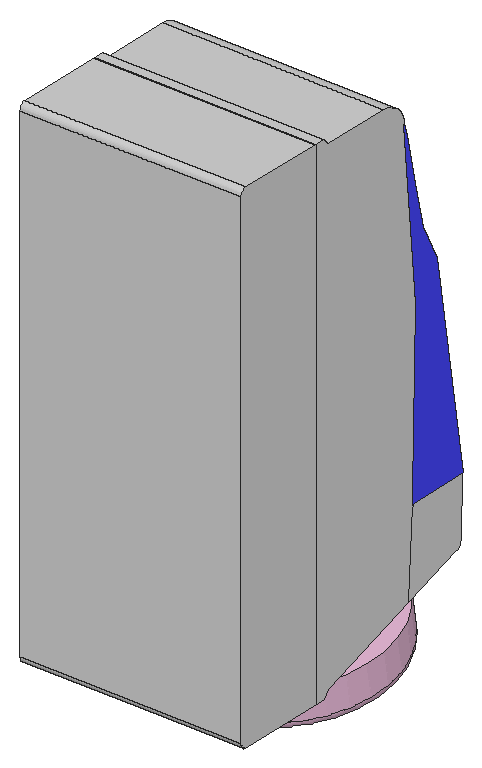
Revit family "Building-IEC309Connections-GEWISS-66IB-INTERLOCKED-SOCKET-OUTLETS-HD_IP66_WITH_BOTTOM_24V", category Apparecchi elettrici, host Muro, Revit 2016
Family settings
  Host = Muro
  Mantenere orientamento annotazione = Sì
  Tipo di parte = Normale
  Quota connettore circolare = Usa diametro
  Numero OmniClass = 23.80.50.14
  Titolo OmniClass = Plug Connectors
  Sempre verticale = Sì
  Taglio con vuoti quando caricato = No
  Condiviso = No
  Punto di calcolo locali = No
Parameters (values of type "GW66998 - VR. S.-OUT. WB. 2P 160VA TF. 230/24V CBF")
  Working temperature = "-25 ÷ +40 °C"
  With back-mounting box = "Yes"
  Vista di pianta [instance] = yes
  Vetro = Vetro
  Version file RFA = "18.0"
  URL = "https://www.gewiss.com/ww/en"
  Typology = "Vertical"
  Type of use = "Heavy duty"
  Type of fuse = "Ø 10.3x38 mm"
  Thermo-pressure with ball = "80 °C"
  Technical sheet = "https://www.gewiss.com/ww/en/search?q=GW66998"
  Struttura alta = GEWISS -BLU
  Struttura = GEWISS - Grigio RAL - 7035
  Simbolo [instance] = yes
  Shock resistance = "> IK10"
  SEO = "Socket outlet"
  Realized by GEWISS S.p.A. = ""
  Rated power = "160VA"
  Rated frequency (Hz) = "50Hz"
  Rated current (In) = "16"
  Rated current (A) = "16"
  Protection = "Safety transformer"
  Produttore = "GEWISS S.p.A."
  Presa = GEWISS - VIOLA
  Power = "160VA"
  Potenza = 24 V
  Output voltage = "20-25 V"
  Operating temperature: = "-25 +40 °C"
  Numero poli = 2
  Number of poles = "2P"
  No. of poles = "2P"
  Modello = "GW66998"
  Impact resistance at -20 Â°C = "20J"
  Immagine tipo = GW66998.jpg
  IP degree = "IP66"
  IFC.TypeObject = ""
  IFC.ExportType = ""
  IFC.ExportAs = ""
  IDT = "2d669e67-5247-4248-86bf-ba56704f2efd"
  IDF = "706a5ebe-ff9d-462f-b53a-49af0794706a"
  Glow wire test: = "850 °C"
  Glow Wire Test = "850 °C"
  Frequency = "50Hz"
  Electrocod = "2222"
  EAN code = "8011564184121"
  Distanza orizzontale del simbolo [instance] = 0 mm
  Distanza dal muro [instance] = 0 mm
  Descrizione = "VR. S.-OUT. WB. 2P 160VA TF. 230/24V CBF"
  Cornice simbolo [instance] = yes
  Colour: = "Violet"
  Colour = "Violet"
  Assembly Code = ""
  Classificazione carico = Altro
  Catalogue Range = "66 IB"
  Catalogue = "BUILDING"
  Carico apparente = 0 VA
  COBie.Tagnumber = ""
  COBie.CreatedOn = ""
  COBie.CreatebBy = ""
  COBie.ComponentRegisterItemID = ""
  COBie.Component.TagNumber = ""
  COBie.Component.Space = ""
  COBie.Component.SerialNumber = ""
  COBie.Component.InstallationDate = ""
  COBie.Component.Description = ""
  COBie.Component.BarCode = ""
  Altezza da terra = 1127.575 mm
Reference planes
  plane 1 "Muro": y = 0
  plane 2 "Centro (Sinistra/Destra)": x = 125
  plane 3 "Indietro": y = 75
  plane 4: z = 1127.575
  plane 5: x = 125
Lines and regions (mm)
  Masking region 1, visible <- "Vista di pianta"
    outline origin (0, 0, 0) x (1, 0, 0) y (0, 1, 0)
      loop
        line (53.5, 75) -> (196.5, 75) -> (196.5, 254) -> (53.5, 254) -> (53.5, 75)
  Masking region 2
    outline origin (125, 0, -0.546) x (0, 1, 0) y (0, 0, 1)
      loop
        line (241.289, 1135.561) -> (236.709, 1163.372) -> (161.889, 1138.222) -> (164.412, 1122.902) -> (241.289, 1135.561)
  Masking region 3
    outline origin (125, 0, -0.546) x (0, 1, 0) y (0, 0, 1)
      loop
        line (262.535, 1139.06) -> (133.431, 1117.8) -> (136.68, 1098.066)
        arc (136.68, 1098.066) -> (139.176, 1094.099) -> (143.757, 1093.111) r 6.041
        line (143.757, 1093.111) -> (260.94, 1112.407)
        arc (260.94, 1112.407) -> (264.772, 1114.879) -> (265.784, 1119.325) r 6.041
        line (265.784, 1119.325) -> (262.535, 1139.06)
  Masking region 4
    outline origin (125, 0, -0.039) x (0, 1, 0) y (0, 0, 1)
      loop
        line (135, 1452.614) -> (78.972, 1452.614)
        arc (78.972, 1452.614) -> (76.163, 1451.451) -> (75, 1448.642) r 3.972
        line (75, 1448.642) -> (75, 1131.586)
        arc (75, 1131.586) -> (76.163, 1128.778) -> (78.972, 1127.614) r 3.972
        line (78.972, 1127.614) -> (141.601, 1127.614) -> (144.578, 1131.897) -> (248.816, 1166.935)
        arc (248.816, 1166.935) -> (251.676, 1169.114) -> (252.761, 1172.543) r 5.958
        arc (252.761, 1172.543) -> (253.2, 1191.236) -> (253.163, 1209.935) r 734.65
        line (253.163, 1209.935) -> (254, 1209.951)
        arc (254, 1209.951) -> (242.911, 1296.509) -> (223.277, 1381.537) r 877.164
        line (223.277, 1381.537) -> (206.64, 1434.09)
        arc (206.64, 1434.09) -> (201.442, 1444.475) -> (190.611, 1448.663) r 16.102
        line (190.611, 1448.663) -> (144.931, 1448.663) -> (142.183, 1452.614) -> (135, 1452.614)
Text (mm)
  text "Lato posizionamento" at (-1848.837, 1116.779, 0), in view "Livello rif."
  text "Lato posizionamento" at (0, 1409.804, 2854.306), in view "Sinistra"
  text "Lato posizionamento" at (0, 499.811, 2980.732), in view "Destra"
Dimensions and locks
  locked: plane 3 "Indietro" to host wall
  "Altezza da terra": plane 4 to level
  "Distanza orizzontale del simbolo": plane 5 to plane 2 "Centro (Sinistra/Destra)"
  aligned and locked: plane 1 "Muro" to host wall
  aligned and locked: Masking region 1 sketch curve to nested 1
  aligned and locked: plane 5 to nested 2
  aligned and locked: nested 1 to host wall
  aligned and locked: Masking region 1 to host wall
  aligned and locked: Masking region 1 to nested 1  (x2)
Automatic sketch dimensions
  plane 4 to Masking region 2 sketch curve = 10.101 mm
  host wall to Masking region 2 sketch curve = 86.889 mm
  Masking region 2 sketch curve to plane 4 = 5.219 mm
  Masking region 2 sketch curve to Masking region 2 sketch curve = 2.523 mm
  plane 4 to Masking region 2 sketch curve = 35.251 mm
  Masking region 2 sketch curve to Masking region 2 sketch curve = 74.82 mm
  plane 4 to Masking region 2 sketch curve = 7.44 mm
  Masking region 2 sketch curve to Masking region 2 sketch curve = 4.579 mm
  Masking region 3 sketch curve to plane 4 = 10.32 mm
  host wall to Masking region 3 sketch curve = 58.431 mm
  Masking region 3 sketch curve to plane 4 = 30.055 mm
  Masking region 3 sketch curve to Masking region 3 sketch curve = 3.25 mm
  Masking region 3 sketch curve to Masking region 3 sketch curve = 5.961 mm
  Masking region 3 sketch curve to Masking region 3 sketch curve = 1.116 mm  (x2)
  Masking region 3 sketch curve to plane 4 = 9.777 mm
  Masking region 3 sketch curve to Masking region 3 sketch curve = 117.183 mm
  Masking region 3 sketch curve to plane 4 = 15.714 mm
  Masking region 3 sketch curve to plane 4 = 8.795 mm
  Masking region 3 sketch curve to Masking region 3 sketch curve = 4.955 mm
  plane 2 "Centro (Sinistra/Destra)" to Masking region 1 sketch curve = 71.5 mm
  Masking region 1 sketch curve to Masking region 1 sketch curve = 179 mm
  host wall to Masking region 1 sketch curve = 0 mm
  Masking region 4 sketch curve to host wall = 0 mm
  Masking region 4 sketch curve to plane 4 = 0 mm
  plane 4 to Masking region 4 sketch curve = 71.527 mm
  host wall to Masking region 4 sketch curve = 406.407 mm
  plane 4 to Masking region 4 sketch curve = 14.294 mm
  Masking region 4 sketch curve to Masking region 4 sketch curve = 139.114 mm
  Masking region 4 sketch curve to Masking region 4 sketch curve = 3.972 mm
  host wall to Masking region 4 sketch curve = 3.972 mm
  Masking region 4 sketch curve to Masking region 4 sketch curve = 56.028 mm
  Masking region 4 sketch curve to Masking region 4 sketch curve = 62.629 mm
  Masking region 4 sketch curve to Masking region 4 sketch curve = 7.183 mm
  plane 4 to Masking region 4 sketch curve = 4.282 mm
  Masking region 4 sketch curve to Masking region 4 sketch curve = 2.977 mm
  Masking region 4 sketch curve to Masking region 4 sketch curve = 2.747 mm
  Masking region 4 sketch curve to Masking region 4 sketch curve = 45.68 mm
  Masking region 4 sketch curve to Masking region 4 sketch curve = 16.029 mm
  Masking region 4 sketch curve to Masking region 4 sketch curve = 16.637 mm
  Masking region 4 sketch curve to Masking region 4 sketch curve = 102.224 mm
  plane 4 to Masking region 4 sketch curve = 39.32 mm
  Masking region 4 sketch curve to Masking region 4 sketch curve = 2.013 mm
  plane 4 to Masking region 4 sketch curve = 82.321 mm
  Masking region 4 sketch curve to Masking region 4 sketch curve = 6.361 mm
  plane 4 to Masking region 4 sketch curve = 82.336 mm
  Masking region 4 sketch curve to Masking region 4 sketch curve = 0.837 mm
  Masking region 4 sketch curve to Masking region 4 sketch curve = 51.024 mm
  Masking region 4 sketch curve to Masking region 4 sketch curve = 1.529 mm
  Masking region 4 sketch curve to Masking region 4 sketch curve = 0.021 mm
Nested families
  nested 1: "IB PRESE INTERBLOC IMP_FONDO_BASE" at (125, 135, 1087.536), type "IB PRESE INTERBLOC IMP_FONDO_BASE"
  nested 2: "PRESAIND2PTRF" at (125, 75.006, 0), Distanza dal muro <- "Distanza dal muro", BORDO ACCESO <- "Cornice simbolo", SIMBOLO ACCESO <- "Simbolo", type "CASSETTAINC"
    with SIMBOLO ACCESO yes, Distanza dal muro 0 mm, BORDO ACCESO yes
  nested 3: "2D - IB PRESE INTERBLOC IMP GRAVOSI 24V IP66" at (125, 0, 1294.518) x (1, 0, 0) z (0, -1, 0), type "BIDIMENSIONALE"
Connectors
  electrical at (125, 107.294, 1127.575), driven by "Numero poli", driven by "Classificazione carico", driven by "Potenza", driven by "Carico apparente"
    settings: on nested 1, index 1, voltage 24 V, apparent load 0 VA, apparent load phase1 0 VA, apparent load phase2 0 VA, apparent load phase3 0 VA, power factor 1, load classification "Altro", number of poles 2, system type 31, power factor state 1, is connector primary yes, connector utility no, sub classification motor no, connector description ""
Definition of nested family "IB PRESE INTERBLOC IMP_FONDO_BASE"
  Parameters (values of type "IB PRESE INTERBLOC IMP_FONDO_BASE")
    Vetrino = none
    Struttura alta = none
    Struttura = none
    Spessore = 160 mm
    Default Elevation = 14 mm
    Presa = none
    Pomello = none
    Lunghezza = 143 mm
    IFC.TypeObject = ""
    IFC.ExportType = ""
    IFC.ExportAs = ""
    H_da terra = 586.883 mm
    COBie.CreatedOn = ""
    COBie.CreatebBy = ""
    COBie.ComponentRegisterItemID = ""
    COBie.Component.TagNumber = ""
    COBie.Component.Space = ""
    COBie.Component.SerialNumber = ""
    COBie.Component.InstallationDate = ""
    COBie.Component.Description = ""
    COBie.Component.BarCode = ""
    Altezza = 424 mm
  Reference planes
    plane 1 "Centro (Fronte/Retro)": y = 0
    plane 2: z = 0
    plane 3 "Centro (Sinistra/Destra)": x = 0
    plane 4: x = -71.5
    plane 5: x = 71.5
    plane 6: x = 53.664
    plane 7: x = -53.5
    plane 8: z = 40.039
    plane 9: y = -60
    plane 10: y = 138.9
    plane 11: z = 361.087
    plane 12: through (4267.2, 77.379, 327.157) normal (0, 0.9626, 0.271)
  Forms (mm)
    Extrusion 1, solid, material <- "Struttura alta"
      sketch origin (0, 0, 0) x (0, 1, 0) y (0, 0, 1)
        loop
          line (78.973, 121.623) -> (119, 122.375)
          arc (119, 122.375) -> (111.124, 189.769) -> (98.062, 256.353) r 877.164
          arc (98.062, 256.353) -> (87.281, 279.295) -> (81.504, 303.977) r 121.298
          line (81.504, 303.977) -> (74.399, 337.778) -> (71.64, 346.515)
          arc (71.64, 346.515) -> (71.695, 345.751) -> (71.713, 344.985) r 16.102
          arc (71.713, 344.985) -> (81.541, 236.86) -> (79.248, 128.313) r 971.977
          arc (79.248, 128.313) -> (79.113, 124.968) -> (78.973, 121.623) r 2289.877
      from -71.5 to 71.5
    Extrusion 2, void
      sketch origin (0, 0, 0) x (0, 1, 0) y (0, 0, 1)
        loop
          line (125.283, 233.172) -> (91.011, 233.172)
          arc (91.011, 233.172) -> (86.745, 231.373) -> (85.055, 227.063) r 5.958
          arc (85.055, 227.063) -> (85.954, 188.702) -> (85.298, 150.336) r 946.965
          arc (85.298, 150.336) -> (88.127, 142.928) -> (95.424, 139.825) r 10.133
          line (95.424, 139.825) -> (139.534, 139.825)
          arc (139.534, 139.825) -> (133.702, 186.696) -> (125.283, 233.172) r 852.241
      from -53.5 to 53.664
    Extrusion 3, solid, material <- "Vetrino"
      sketch origin (0, 0, 0) x (0, 1, 0) y (0, 0, 1)
        loop
          line (102.745, 233.172) -> (91.011, 233.172)
          arc (91.011, 233.172) -> (86.745, 231.373) -> (85.055, 227.063) r 5.958
          arc (85.055, 227.063) -> (85.954, 188.702) -> (85.298, 150.336) r 946.965
          arc (85.298, 150.336) -> (88.127, 142.928) -> (95.424, 139.825) r 10.133
          line (95.424, 139.825) -> (117.422, 139.825)
          arc (117.422, 139.825) -> (111.378, 186.702) -> (102.745, 233.172) r 852.241
      from -53.5 to 53.664
    Extrusion 4, solid, material <- "Struttura"
      sketch origin (0, 0, 0) x (0, 1, 0) y (0, 0, 1)
        loop
          line (75.931, 66.624) -> (113.815, 79.359)
          arc (113.815, 79.359) -> (116.676, 81.538) -> (117.761, 84.967) r 5.958
          arc (117.761, 84.967) -> (118.2, 103.66) -> (118.163, 122.359) r 734.65
          line (118.163, 122.359) -> (78.973, 121.623)
          arc (78.973, 121.623) -> (77.619, 94.115) -> (75.931, 66.624) r 2264.9
      from -71.5 to 71.5
    Extrusion 5, solid, material <- "Struttura"
      sketch origin (0, 0, 0) x (0, 1, 0) y (0, 0, 1)
        loop
          line (107.036, 48.025) -> (102.35, 76.485) -> (27.659, 50.544) -> (30.159, 35.366) -> (107.036, 48.025)
      from -30.773 to 27.325
    Revolve 6, solid, material <- "Presa"
      sketch origin (0, 0, 0) x (0, 1, 0) y (0, 0, 1)
        loop
          line (8.526, 5.322) -> (67.975, 15.111) -> (63.73, 40.894) -> (-0.822, 30.264) -> (2.584, 9.577)
          arc (2.584, 9.577) -> (4.673, 6.218) -> (8.526, 5.322) r 5.164
        axis (63.73, 40.894) -> (67.975, 15.111)
      angle from 0 to 360
    Extrusion 7, void
      sketch origin (0, 0, 0) x (1, 0, 0) y (0, 0, 1)
        loop
          spline (43.694, 295.849) -> (42.205, 306.734) -> (37.84, 316.878) -> (30.897, 325.589) -> (21.847, 332.273) -> (11.309, 336.475) -> (0, 337.908) -> (-11.309, 336.475) -> (-21.847, 332.273) -> (-30.897, 325.589) -> (-37.84, 316.878) -> (-42.205, 306.734) -> (-43.694, 295.849)
          spline (-43.694, 295.849) -> (-42.205, 284.963) -> (-37.84, 274.819) -> (-30.897, 266.108) -> (-21.847, 259.424) -> (-11.309, 255.222) -> (0, 253.789) -> (11.309, 255.222) -> (21.847, 259.424) -> (30.897, 266.108) -> (37.84, 274.819) -> (42.205, 284.963) -> (43.694, 295.849)
      from -122.068 to -79.498
    Extrusion 8, solid, material <- "Pomello"
      sketch origin (0, 82.975, -13.824) x (1, 0, 0) y (0, -0.270999, 0.96258)
        loop
          line (-7.448, 327.416) -> (-7.448, 266.486)
          arc (-7.448, 266.486) -> (-7.072, 265.323) -> (-6.085, 264.6) r 1.986
          arc (-6.085, 264.6) -> (0.003, 263.614) -> (6.09, 264.602) r 19.259
          arc (6.09, 264.602) -> (7.073, 265.325) -> (7.448, 266.486) r 1.986
          line (7.448, 266.486) -> (7.448, 327.416)
          arc (7.448, 327.416) -> (7.073, 328.578) -> (6.09, 329.301) r 1.986
          arc (6.09, 329.301) -> (0, 330.289) -> (-6.09, 329.301) r 19.259
          arc (-6.09, 329.301) -> (-7.073, 328.578) -> (-7.448, 327.416) r 1.986
      from -92.372 to -88.3
    Extrusion 9, solid, material <- "Struttura"
      sketch origin (0, 0, 0) x (0, 1, 0) y (0, 0, 1)
        loop
          line (0, 365.039) -> (-56.028, 365.039)
          arc (-56.028, 365.039) -> (-58.837, 363.875) -> (-60, 361.066) r 3.972
          line (-60, 361.066) -> (-60, 44.011)
          arc (-60, 44.011) -> (-58.837, 41.202) -> (-56.028, 40.039) r 3.972
          line (-56.028, 40.039) -> (0, 40.039) -> (0, 365.039)
      from -71.5 to 71.5
    Extrusion 10, solid, material <- "Struttura"
      sketch origin (0, 0, 0) x (0, 1, 0) y (0, 0, 1)
        loop
          arc (75.931, 66.624) -> (77.679, 96.204) -> (79.051, 125.804) r 2335.614
          arc (79.051, 125.804) -> (81.584, 235.602) -> (71.713, 344.985) r 971.977
          arc (71.713, 344.985) -> (66.997, 356.371) -> (55.611, 361.087) r 16.102
          line (55.611, 361.087) -> (9.931, 361.087) -> (7.183, 365.039) -> (0, 365.039) -> (0, 40.039) -> (7.183, 40.039) -> (10.338, 44.576) -> (75.931, 66.624)
      from -71.5 to 71.5
    Blend 11, solid, material <- "Struttura alta"
      base sketch origin (0, 84.176, -13.214) x (1, 0, 0) y (0, -0.270999, 0.96258)
        loop
          circle (0, 296.951) r 43.694
      top sketch origin (0, 84.176, -13.214) x (1, 0, 0) y (0, -0.270999, 0.96258)
        loop
          circle (0, 296.951) r 34.757
      from -85.697 to -91.051
    Extrusion 12, solid, material <- "Struttura alta"
      sketch origin (0, 83.193, -13.491) x (1, 0, 0) y (0, -0.270999, 0.96258)
        loop
          circle (0, 296.951) r 43.694
      from -86.719 to -75.709
    Extrusion 13, void
      sketch origin (0, 85.341, -13.728) x (1, 0, 0) y (0, -0.275465, 0.961311)
        loop
          circle (0, 296.951) r 34
      from -96.493 to -85.34
    Extrusion 14, solid, material <- "Pomello"
      sketch origin (0, 83.193, -13.491) x (1, 0, 0) y (0, -0.270999, 0.96258)
        loop
          circle (0, 296.951) r 40
      from -88 to -75.709
  Cuts and joins
    Extrusion 2, Extrusion 7 cuts Extrusion 1
    Extrusion 13 cuts Blend 11
    joined: Blend 11, Extrusion 12
    Extrusion 13 cuts Extrusion 9
    Extrusion 13 cuts Extrusion 10
  Dimensions and locks
    equal spacing: plane 5, plane 3 "Centro (Sinistra/Destra)", plane 4
    "Lunghezza": plane 5 to plane 4
    locked: plane 5 to plane 6 at 17.836
    locked: plane 7 to plane 4 at 18
    plane 9 to plane 1 "Centro (Fronte/Retro)" = 60 mm
    plane 1 "Centro (Fronte/Retro)" to plane 10 = 138.9 mm
    aligned and locked: level to plane 2
    aligned and locked: Extrusion 1 to plane 4
    aligned and locked: plane 5 to Extrusion 1
    aligned and locked: Extrusion 3 to plane 7
    aligned and locked: plane 6 to Extrusion 3
    aligned and locked: Extrusion 4 to plane 4
    aligned and locked: plane 5 to Extrusion 4
    aligned and locked: Extrusion 9 sketch curve to plane 9
    aligned and locked: Extrusion 9 sketch curve to plane 1 "Centro (Fronte/Retro)"
    aligned and locked: Extrusion 9 to plane 4
    aligned and locked: plane 5 to Extrusion 9
    aligned and locked: Extrusion 10 to plane 4
    aligned and locked: plane 5 to Extrusion 10
    aligned and locked: plane 12 to Blend 11
    aligned and locked: Extrusion 12 to Blend 11
    aligned and locked: cut or joined group of Blend 11, Extrusion 12, Extrusion 13 to Extrusion 8
    aligned and locked: Extrusion 8 to Extrusion 14
    aligned and locked: cut or joined group of Extrusion 10, Extrusion 13 to Extrusion 9
    aligned and locked: plane 8 to Extrusion 9
  Automatic sketch dimensions
    level to Extrusion 5 sketch curve = 35.366 mm
    Extrusion 5 sketch curve to plane 1 "Centro (Fronte/Retro)" = 27.659 mm
    Extrusion 5 sketch curve to Extrusion 5 sketch curve = 2.499 mm
    Extrusion 5 sketch curve to Extrusion 5 sketch curve = 74.69 mm
    Extrusion 5 sketch curve to Extrusion 5 sketch curve = 4.686 mm
    level to Extrusion 5 sketch curve = 48.025 mm
    Extrusion 5 sketch curve to Extrusion 5 sketch curve = 15.179 mm
    Extrusion 5 sketch curve to Extrusion 5 sketch curve = 28.46 mm
    plane 1 "Centro (Fronte/Retro)" to Revolve 6 sketch curve = 0.822 mm
    Revolve 6 sketch curve to plane 1 "Centro (Fronte/Retro)" = 2.584 mm
    Revolve 6 sketch curve to Revolve 6 sketch curve = 5.095 mm
    level to Revolve 6 sketch curve = 5.322 mm
    Revolve 6 sketch curve to Revolve 6 sketch curve = 0.846 mm
    Revolve 6 sketch curve to plane 1 "Centro (Fronte/Retro)" = 63.73 mm
    level to Revolve 6 sketch curve = 15.111 mm
    Revolve 6 sketch curve to Revolve 6 sketch curve = 4.246 mm
    Revolve 6 sketch curve to Revolve 6 sketch curve = 4.255 mm
    Revolve 6 sketch curve to Revolve 6 sketch curve = 20.687 mm
    Revolve 6 sketch curve to Revolve 6 sketch curve = 0 mm  (x2)
    level to Revolve 6 sketch curve = 12.564 mm
    Revolve 6 sketch curve to Revolve 6 sketch curve = 0.42 mm
    Extrusion 9 sketch curve to Extrusion 9 sketch curve = 3.972 mm
    plane 9 to Extrusion 9 sketch curve = 3.972 mm
    Extrusion 9 sketch curve to plane 8 = 0 mm
    Extrusion 9 sketch curve to Extrusion 9 sketch curve = 317.056 mm
    Extrusion 10 sketch curve to plane 1 "Centro (Fronte/Retro)" = 0 mm
    plane 8 to Extrusion 10 sketch curve = 0 mm
    Extrusion 10 sketch curve to plane 1 "Centro (Fronte/Retro)" = 7.183 mm  (x2)
    Extrusion 10 sketch curve to Extrusion 10 sketch curve = 2.747 mm
    Extrusion 10 sketch curve to plane 8 = 4.538 mm
    Extrusion 10 sketch curve to Extrusion 10 sketch curve = 3.155 mm
    Extrusion 10 sketch curve to plane 8 = 26.586 mm
    Extrusion 10 sketch curve to Extrusion 10 sketch curve = 3.951 mm
    Extrusion 10 sketch curve to Extrusion 10 sketch curve = 45.68 mm
    Extrusion 10 sketch curve to Extrusion 10 sketch curve = 0 mm
    Extrusion 10 sketch curve to Extrusion 10 sketch curve = 16.102 mm
    Extrusion 10 sketch curve to plane 8 = 163.038 mm
    Extrusion 10 sketch curve to plane 8 = 179.157 mm
    Extrusion 10 sketch curve to plane 9 = 829.849 mm
    Extrusion 10 sketch curve to Extrusion 10 sketch curve = 65.593 mm
    Extrusion 10 sketch curve to Extrusion 10 sketch curve = 278.361 mm
    Extrusion 10 sketch curve to Extrusion 10 sketch curve = 3.121 mm
    Extrusion 4 sketch curve to plane 8 = 26.586 mm
    Extrusion 4 sketch curve to Extrusion 4 sketch curve = 3.042 mm
    Extrusion 4 sketch curve to Extrusion 4 sketch curve = 2.012 mm
    Extrusion 4 sketch curve to Extrusion 4 sketch curve = 5.608 mm
    Extrusion 4 sketch curve to plane 8 = 71.527 mm
    Extrusion 4 sketch curve to Extrusion 4 sketch curve = 0.402 mm
    Extrusion 4 sketch curve to Extrusion 4 sketch curve = 12.734 mm
    Extrusion 4 sketch curve to plane 8 = 179.157 mm
    Extrusion 3 sketch curve to plane 8 = 145.66 mm
    plane 10 to Extrusion 3 sketch curve = 43.476 mm
    Extrusion 3 sketch curve to Extrusion 3 sketch curve = 10.133 mm
    Extrusion 3 sketch curve to Extrusion 3 sketch curve = 5.958 mm
    Extrusion 3 sketch curve to Extrusion 3 sketch curve = 10.126 mm
    Extrusion 3 sketch curve to Extrusion 3 sketch curve = 11.734 mm
    plane 10 to Extrusion 3 sketch curve = 21.479 mm
    Extrusion 3 sketch curve to plane 8 = 14.294 mm
    Extrusion 3 sketch curve to Extrusion 3 sketch curve = 130.486 mm
    Extrusion 3 sketch curve to Extrusion 3 sketch curve = 5.713 mm
    level to Extrusion 3 sketch curve = 139.825 mm
    Extrusion 3 sketch curve to Extrusion 3 sketch curve = 76.877 mm
    Extrusion 2 sketch curve to plane 8 = 145.66 mm
    plane 10 to Extrusion 2 sketch curve = 47.889 mm
    plane 10 to Extrusion 2 sketch curve = 43.476 mm
    Extrusion 2 sketch curve to plane 8 = 109.919 mm
    Extrusion 2 sketch curve to Extrusion 2 sketch curve = 10.133 mm
    Extrusion 2 sketch curve to Extrusion 2 sketch curve = 77.255 mm
    Extrusion 2 sketch curve to Extrusion 2 sketch curve = 5.958 mm
    Extrusion 2 sketch curve to Extrusion 2 sketch curve = 10.126 mm
    Extrusion 2 sketch curve to Extrusion 2 sketch curve = 34.272 mm
    Extrusion 2 sketch curve to plane 10 = 0.634 mm
    Extrusion 2 sketch curve to plane 8 = 18.04 mm
    Extrusion 2 sketch curve to Extrusion 2 sketch curve = 152.229 mm
    Extrusion 1 sketch curve to plane 8 = 14.294 mm
    Extrusion 1 sketch curve to plane 9 = 695.521 mm
    plane 10 to Extrusion 1 sketch curve = 19.9 mm
    Extrusion 1 sketch curve to plane 1 "Centro (Fronte/Retro)" = 78.973 mm
    plane 10 to Extrusion 1 sketch curve = 40.838 mm
    Extrusion 1 sketch curve to Extrusion 1 sketch curve = 0.752 mm
    Extrusion 1 sketch curve to Extrusion 1 sketch curve = 134.328 mm
    Extrusion 1 sketch curve to plane 11 = 141.892 mm
    Extrusion 1 sketch curve to Extrusion 1 sketch curve = 1318.975 mm
    Extrusion 1 sketch curve to plane 11 = 158.01 mm
    Extrusion 1 sketch curve to plane 11 = 16.102 mm
    plane 10 to Extrusion 1 sketch curve = 67.187 mm
    Extrusion 1 sketch curve to plane 8 = 81.585 mm
    Extrusion 1 sketch curve to Extrusion 1 sketch curve = 0.073 mm
    Extrusion 1 sketch curve to plane 11 = 14.572 mm
    Extrusion 1 sketch curve to Extrusion 1 sketch curve = 16.029 mm
    plane 1 "Centro (Fronte/Retro)" to Extrusion 4 sketch curve = 616.407 mm
    Extrusion 4 sketch curve to plane 1 "Centro (Fronte/Retro)" = 75.931 mm
    plane 10 to Extrusion 4 sketch curve = 27.098 mm
    Extrusion 4 sketch curve to Extrusion 4 sketch curve = 1567.417 mm
    Extrusion 1 sketch curve to plane 11 = 41.957 mm
    Extrusion 1 sketch curve to plane 10 = 62.951 mm
    Extrusion 1 sketch curve to plane 11 = 23.262 mm
    Extrusion 1 sketch curve to Extrusion 1 sketch curve = 2.678 mm
    Extrusion 1 sketch curve to plane 11 = 23.309 mm
    Extrusion 1 sketch curve to Extrusion 1 sketch curve = 0.008 mm
    Extrusion 1 sketch curve to plane 11 = 57.11 mm
    Blend 11 sketch curve to plane 3 "Centro (Sinistra/Destra)" = 0 mm  (x2)
    Extrusion 7 sketch curve to plane 3 "Centro (Sinistra/Destra)" = 0 mm
    plane 7 to Extrusion 7 sketch curve = 9.806 mm
    Extrusion 7 sketch curve to plane 11 = 65.239 mm
    Extrusion 12 sketch curve to plane 3 "Centro (Sinistra/Destra)" = 0 mm
    Extrusion 13 sketch curve to plane 3 "Centro (Sinistra/Destra)" = 0 mm
    Extrusion 14 sketch curve to plane 3 "Centro (Sinistra/Destra)" = 0 mm
    Extrusion 8 sketch curve to plane 3 "Centro (Sinistra/Destra)" = 7.448 mm
    Extrusion 8 sketch curve to Extrusion 8 sketch curve = 1.986 mm  (x3)
    Extrusion 8 sketch curve to plane 3 "Centro (Sinistra/Destra)" = 0.001 mm
    plane 3 "Centro (Sinistra/Destra)" to Extrusion 8 sketch curve = 0 mm
    plane 3 "Centro (Sinistra/Destra)" to Extrusion 8 sketch curve = 5.462 mm  (x2)
    Extrusion 8 sketch curve to Extrusion 8 sketch curve = 0 mm  (x3)
    Extrusion 8 sketch curve to Extrusion 8 sketch curve = 16.387 mm  (x2)
    Extrusion 8 sketch curve to Extrusion 8 sketch curve = 28.157 mm
    Extrusion 8 sketch curve to Extrusion 8 sketch curve = 0.628 mm
    radius of Blend 11 sketch curve = 43.694 mm
    radius of Blend 11 sketch curve = 34.757 mm
    radius of Extrusion 12 sketch curve = 43.694 mm
    radius of Extrusion 13 sketch curve = 34 mm
    radius of Extrusion 14 sketch curve = 40 mm
Definition of nested family "PRESAIND2PTRF"
  Parameters (values of type "CASSETTAINC")
    SIMBOLO ACCESO [instance] = yes
    Distanza dal muro [instance] = 0 mm
    BORDO ACCESO [instance] = yes
  Reference planes
    plane 1: y = 0
    plane 2: x = 0
  Dimensions and locks
    "Distanza dal muro": plane 1 to nested 1
    aligned and locked: plane 2 to nested 1
  Nested families
    nested 1: "PRESAIND2PTRF_BASE" at (0, 0, 0), BORDO ACCESO <- "BORDO ACCESO", visible <- "SIMBOLO ACCESO", type "SIMBOLO"
      with BORDO ACCESO yes
  Definition of nested family "PRESAIND2PTRF_BASE"
    Parameters (values of type "SIMBOLO")
      Distanza dal muro = 4.208 mm
      BORDO ACCESO [instance] = yes
    Reference planes
      plane 1: y = 0
      plane 2: x = 0
    Lines and regions (mm)
      detail lines, visible <- "BORDO ACCESO", not visible
        curve 1: line (-2.443, 10.208, 0) -> (2.057, 10.208, 0)
        curve 2: line (2.057, 10.208, 0) -> (2.057, 4.208, 0)
        curve 3: line (2.057, 4.208, 0) -> (-2.443, 4.208, 0)
        curve 4: line (-2.443, 4.208, 0) -> (-2.443, 10.208, 0)
        curve 5: line (-2.043, 9.808, 0) -> (1.657, 9.808, 0)
        curve 6: line (1.657, 9.808, 0) -> (1.657, 4.608, 0)
        curve 7: line (1.657, 4.608, 0) -> (-2.043, 4.608, 0)
        curve 8: line (-2.043, 4.608, 0) -> (-2.043, 9.808, 0)
      detail lines
        curve 9: line (0.001, 1.707, 0) -> (0.001, 1.956, 0)
        curve 10: line (-0.251, 0.271, 0) -> (0.252, 0.271, 0)
        curve 11: line (0.001, 0.271, 0) -> (0.001, 0.72, 0)
        curve 12: line (-0.581, 1.956, 0) -> (0.581, 1.956, 0)
        curve 13: line (0.581, 1.956, 0) -> (0.581, 0, 0)
        curve 14: line (0.581, 0, 0) -> (-0.581, 0, 0)
        curve 15: line (-0.581, 0, 0) -> (-0.581, 1.956, 0)
        curve 16: circle (0.001, 1.378, 0) r 0.329 normal (0, 0, 1)
        curve 17: circle (0.001, 1.049, 0) r 0.329 normal (0, 0, 1)
        curve 18: arc (0.324, 0, 0) -> (0.017, 0.268, 0) -> (-0.315, 0.031, 0) r 0.329
Definition of nested family "2D - IB PRESE INTERBLOC IMP GRAVOSI 24V IP66"
  Reference planes
    plane 1 "Centro (Fronte/Retro)": y = 0
    plane 2: z = 0
    plane 3 "Centro (Sinistra/Destra)": x = 0
  Lines and regions (mm)
    model lines, in view "Livello rif."
      curve 1: arc (46.673, -67.157, 0) -> (53.695, -64.248, 0) -> (56.604, -57.226, 0) r 9.931
      curve 2: arc (-56.604, -57.226, 0) -> (-53.695, -64.248, 0) -> (-46.673, -67.157, 0) r 9.931
      curve 3: arc (-49.363, -246.741, 0) -> (-48.408, -248.747, 0) -> (-46.248, -249.268, 0) r 2.582
      curve 4: arc (-27.191, -243.754, 0) -> (-26.36, -245.651, 0) -> (-24.404, -246.328, 0) r 2.582
      curve 5: arc (52.105, -250.726, 0) -> (54.383, -250.319, 0) -> (55.42, -248.251, 0) r 2.582
      curve 6: arc (-46.673, 26.19, 0) -> (-53.695, 23.282, 0) -> (-56.604, 16.26, 0) r 9.931
      curve 7: arc (56.604, 16.26, 0) -> (53.695, 23.282, 0) -> (46.673, 26.19, 0) r 9.931
      curve 8: circle (-51.357, -74.894, 0) r 4.965 normal (0, 0, 1)
      curve 9: circle (51.357, -74.894, 0) r 4.965 normal (0, 0, 1)
      curve 10: line (-61.569, 156.071, 0) -> (-61.569, -82.88, 0)
      curve 11: line (-61.569, -82.88, 0) -> (61.569, -82.88, 0)
      curve 12: line (61.569, -82.88, 0) -> (61.569, 156.071, 0)
      curve 13: line (46.673, -67.157, 0) -> (-46.673, -67.157, 0)
      curve 14: line (-61.321, -256.67, 0) -> (-61.321, -230.851, 0)
      curve 15: line (-49.363, -246.741, 0) -> (-49.363, -231.22, 0)
      curve 16: line (-27.191, -243.754, 0) -> (-27.191, -227.804, 0)
      curve 17: line (17.155, -245.847, 0) -> (17.155, -227.085, 0)
      curve 18: line (5.353, -245.44, 0) -> (5.353, -226.678, 0)
      curve 19: line (61.321, -256.67, 0) -> (61.321, -230.851, 0)
      curve 20: line (55.42, -248.251, 0) -> (55.42, -233.083, 0)
      curve 21: line (46.673, 26.19, 0) -> (-46.673, 26.19, 0)
      curve 22: line (-56.604, -57.226, 0) -> (-56.604, 16.26, 0)
      curve 23: line (56.604, -57.226, 0) -> (56.604, 16.26, 0)
      curve 24: circle (0, 88.564, 0) r 43.694 normal (0, 0, 1)
      curve 25: arc (-61.569, -225.985, 0) -> (-60.987, -227.39, 0) -> (-59.583, -227.971, 0) r 1.986
      curve 26: arc (59.584, -227.971, 0) -> (60.988, -227.39, 0) -> (61.57, -225.985, 0) r 1.986
      curve 27: arc (-59.583, 158.057, 0) -> (-60.988, 157.476, 0) -> (-61.569, 156.071, 0) r 1.986
      curve 28: arc (61.569, 156.071, 0) -> (60.988, 157.476, 0) -> (59.583, 158.057, 0) r 1.986
      curve 29: arc (60.428, -193.047, 0) -> (0, -184.811, 0) -> (-60.427, -193.047, 0) r 225.798
      curve 30: line (-71.5, -225.59, 0) -> (-71.5, 155.676, 0)
      curve 31: line (-71.5, 155.676, 0) -> (-61.569, 155.676, 0)
      curve 32: line (-51.638, -124.894, 0) -> (-51.638, -148.727, 0)
      curve 33: line (-51.638, -148.727, 0) -> (51.639, -148.727, 0)
      curve 34: line (51.639, -148.727, 0) -> (51.639, -124.894, 0)
      curve 35: line (51.639, -124.894, 0) -> (-51.638, -124.894, 0)
      curve 36: line (-60.427, -193.047, 0) -> (-61.569, -225.59, 0)
      curve 37: line (-61.569, -225.59, 0) -> (-71.5, -225.59, 0)
      curve 38: line (60.428, -193.047, 0) -> (61.569, -225.579, 0)
      curve 39: line (61.569, -225.579, 0) -> (61.569, -84.464, 0)
      curve 40: line (61.569, -84.464, 0) -> (-61.569, -84.464, 0)
      curve 41: line (-61.569, -84.464, 0) -> (-61.569, -217.39, 0)
      curve 42: line (71.5, -225.59, 0) -> (61.57, -225.59, 0)
      curve 43: line (59.583, 158.057, 0) -> (-59.583, 158.057, 0)
      curve 44: line (71.5, -225.59, 0) -> (71.5, 155.676, 0)
      curve 45: line (71.5, 155.676, 0) -> (61.569, 155.676, 0)
    detail lines, in view "Livello rif."
      curve 46: arc (-61.321, -256.67, 0) -> (0, -245.357, 0) -> (61.321, -256.67, 0) r 171.845
      curve 47: line (61.321, -256.67, 0) -> (-61.321, -256.67, 0)
      curve 48: arc (-61.321, -230.851, 0) -> (0, -226.646, 0) -> (61.321, -230.851, 0) r 449.262
